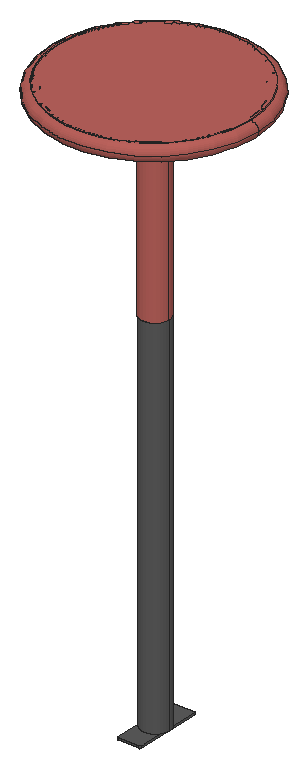
Revit family "product code 61410-F", category Meble, Revit 2021
Family settings
  Numer OmniClass = 23.40.20.00
  Tytuł OmniClass = General Furniture and Specialties
  Oparty na płaszczyźnie roboczej = Nie
  Zawsze pionowo = Tak
  Tnij formami wycięć po wczytaniu = Nie
  Współdzielony = Nie
  Punkt obliczania pomieszczeń = Nie
Parameters (values of type "Sydhavn")
  metal = Kobenhagen RAL 3000
  Width = "45 cm"
  Weight = "15 kg"
  URL = "https://kobenhagen.com/en_US/p/Sydhavn-Small-Table/241"
  Product Line = "Sydhavn"
  Product Groups = "Tables"
  Producent = "Lars Laj"
  Keynote = ""
  Opis = "Sydhavn Small Table"
  Model = "61410-F"
  Material = "Powder coated steel"
  Maintenance = "We recommend to examine and tighten all screws and bolt clamps after a few weeks’ use. In order to prevent cracks and to extend the life of the wood, it is recommended that the wood details should be oiled every 3-5 years."
  Lenght = "45 cm"
  Type Comments = ""
  Kobenhagen Materials = "larslaj.com/bim"
  Hosted on larslaj.com = "https://larslaj.com/bim"
  Height = "45 cm"
  Domyślna rzędna = 0 mm
  Copyright = "All designs and drawings are the intellectual property of Lars Laj A/S and are protected by Danish and international copyright laws."
Reference planes
  plane 1: z = 0
  plane 2 "Środek (Lewa/Prawa)": x = 0
  plane 3 "Góra": z = 1062.347
  plane 4 "Środek": y = 257.204
Forms (mm)
  Extrusion 1, solid, material "Kobenhagen RAL 3000" <- "metal", not visible
    sketch origin (0, 0, 0) x (0, 1, 0) y (0, 0, 1)
      loop
        arc (71.187, 451.5) -> (57.045, 445.642) -> (51.187, 431.5) r 20
        line (51.187, 431.5) -> (51.187, 18.231)
        arc (51.187, 18.231) -> (56.527, 5.34) -> (69.418, 0) r 18.231
        line (69.418, 0) -> (153.638, 0) -> (153.638, 15) -> (448.638, 15) -> (448.638, 0) -> (527.023, 0)
        arc (527.023, 0) -> (542.307, 6.331) -> (548.638, 21.615) r 21.615
        line (548.638, 21.615) -> (548.638, 429.407)
        arc (548.638, 429.407) -> (542.168, 445.029) -> (526.545, 451.5) r 22.093
        line (526.545, 451.5) -> (71.187, 451.5)
    from 750.378 to 745
  Extrusion 2, solid, material "Kobenhagen RAL 3000" <- "metal", not visible
    sketch origin (0, 0, 0) x (0, 1, 0) y (0, 0, 1)
      loop
        line (548.638, 396.844) -> (629.375, 854.725) -> (601.836, 859.581)
        arc (601.836, 859.581) -> (585.224, 855.898) -> (576.082, 841.547) r 22.232
        line (576.082, 841.547) -> (507.306, 451.5) -> (526.545, 451.5)
        arc (526.545, 451.5) -> (542.168, 445.029) -> (548.638, 429.407) r 22.093
        line (548.638, 429.407) -> (548.638, 396.844)
    from 745 to 750.378
  Extrusion 3, solid, material "Kobenhagen RAL 3000" <- "metal"
    sketch origin (396.607, -18.452, 868.765) x (0, -1, 0) y (1, 0, 0)
      loop
        circle (-275.327, -399.004) r 30.15
      loop
        circle (-275.327, -399.004) r 28.15
    from -451.765 to -868.765
  Extrusion 4, solid, material "Painted Black"
    sketch origin (695.879, -21.874, 0) x (1, 0, 0) y (0, 1, 0)
      loop
        line (-722.97, 354.396) -> (-722.97, 210.396)
        arc (-722.97, 210.396) -> (-722.091, 208.274) -> (-719.97, 207.396) r 3
        line (-719.97, 207.396) -> (-675.97, 207.396)
        arc (-675.97, 207.396) -> (-673.849, 208.274) -> (-672.97, 210.396) r 3
        line (-672.97, 210.396) -> (-672.97, 354.396)
        arc (-672.97, 354.396) -> (-673.849, 356.517) -> (-675.97, 357.396) r 3
        line (-675.97, 357.396) -> (-719.97, 357.396)
        arc (-719.97, 357.396) -> (-722.091, 356.517) -> (-722.97, 354.396) r 3
    from -800 to -795
  Extrusion 5, solid, material "Painted Black"
    sketch origin (396.607, -17.202, 868.765) x (1, 0, 0) y (0, 1, 0)
      loop
        circle (-399.004, 275.327) r 30.15
      loop
        circle (-399.004, 275.327) r 28.15
    from -868.765 to -1663.765
  Extrusion 6, solid, material "Kobenhagen RAL 3000" <- "metal"
    sketch origin (581.466, 257.204, -0.938) x (-1, 0, 0) y (0, 0, 1)
      loop
        line (608.966, 447.188) -> (558.966, 447.188) -> (558.966, 417.188) -> (608.966, 417.188) -> (608.966, 447.188)
      loop
        line (606.966, 445.188) -> (560.966, 445.188) -> (560.966, 419.188) -> (606.966, 419.188) -> (606.966, 445.188)
    from -194.556 to 188.044
  Extrusion 7, solid, material "Kobenhagen RAL 5012", not visible
    sketch origin (-110.268, -19.702, 0) x (0, -1, 0) y (1, 0, 0)
      loop
        circle (-275.327, -399.004) r 30.15
      loop
        circle (-275.327, -399.004) r 28.15
    from 444.1 to 0
  Extrusion 8, solid, material "Kobenhagen RAL 5012", not visible
    sketch origin (239.004, -16.847, 0) x (1, 0, 0) y (0, 1, 0)
      loop
        line (-699.004, 325.327) -> (-799.004, 325.327) -> (-799.004, 225.327) -> (-699.004, 225.327) -> (-699.004, 325.327)
    from 447.05 to 443.488
  Extrusion 9, solid, material "Painted Black", not visible
    sketch origin (189.004, -23.124, 0) x (1, 0, 0) y (0, 1, 0)
      loop
        line (-722.97, 354.396) -> (-722.97, 210.396)
        arc (-722.97, 210.396) -> (-722.091, 208.274) -> (-719.97, 207.396) r 3
        line (-719.97, 207.396) -> (-675.97, 207.396)
        arc (-675.97, 207.396) -> (-673.849, 208.274) -> (-672.97, 210.396) r 3
        line (-672.97, 210.396) -> (-672.97, 354.396)
        arc (-672.97, 354.396) -> (-673.849, 356.517) -> (-675.97, 357.396) r 3
        line (-675.97, 357.396) -> (-719.97, 357.396)
        arc (-719.97, 357.396) -> (-722.091, 356.517) -> (-722.97, 354.396) r 3
    from -800 to -795
  Extrusion 10, solid, material "Painted Black", not visible
    sketch origin (-110.268, -18.452, 0) x (1, 0, 0) y (0, 1, 0)
      loop
        circle (-399.004, 275.327) r 30.15
      loop
        circle (-399.004, 275.327) r 28.15
    from 0 to -795
  Extrusion 11, solid, material "Kobenhagen RAL 3000" <- "metal"
    sketch origin (-5.756, 837.913, -0.938) x (0, -1, 0) y (0, 0, 1)
      loop
        line (608.966, 447.188) -> (558.966, 447.188) -> (558.966, 417.188) -> (608.966, 417.188) -> (608.966, 447.188)
      loop
        line (606.966, 445.188) -> (560.966, 445.188) -> (560.966, 419.188) -> (606.966, 419.188) -> (606.966, 445.188)
    from 21.334 to 188.044
  Extrusion 12, solid, material "Kobenhagen RAL 3000" <- "metal"
    sketch origin (5.756, 837.913, -0.938) x (0, -1, 0) y (0, 0, -1)
      loop
        line (608.966, -447.188) -> (608.966, -417.188) -> (558.966, -417.188) -> (558.966, -447.188) -> (608.966, -447.188)
      loop
        line (606.966, -445.188) -> (606.966, -419.188) -> (560.966, -419.188) -> (560.966, -445.188) -> (606.966, -445.188)
    from 14.744 to 183.098
  Extrusion 13, solid, material "Kobenhagen RAL 3000" <- "metal"
    sketch origin (0, 0, -200) x (1, 0, 0) y (0, 1, 0)
      loop
        circle (-3.097, 254.602) r 208.823
    from 647 to 650
  Sweep 14, solid, material "Kobenhagen RAL 3000" <- "metal"
    path origin (0, 0, 0) x (1, 0, 0) y (0, 1, 0)
      loop
        circle (-3.097, 254.602) r 208.823
    profile origin (-3.097, 45.779, 0) x (0, 1, 0) y (0, 0, 1)
      loop
        circle (0, 433.096) r 16.868
      loop
        circle (0.117, 433.18) r 15.694
Dimensions and locks
  aligned and locked: level to plane 1
